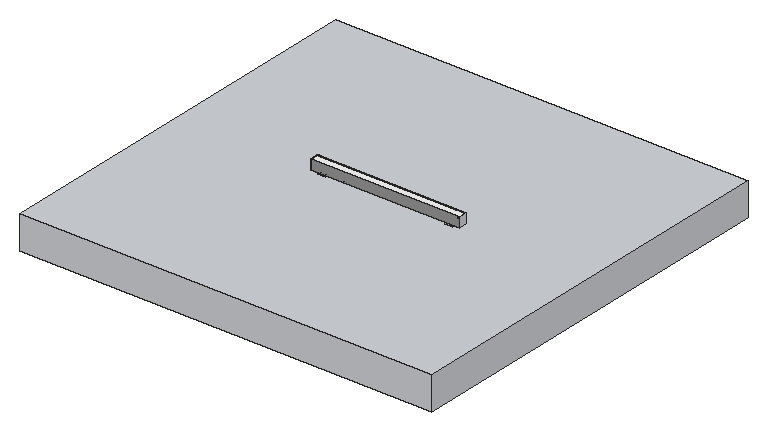
Revit family "en-halla-lina-surfacerfa", category Осветительные приборы, Revit 2017
Family settings
  Основа = Грань
  Размер круглого соединителя = Использовать диаметр
  Тип детали = Нормальный
  Номер OmniClass = 23.80.70.11.11
  Заголовок OmniClass = General Luminaries, Non Directional
  При загрузке вырезать с полостями = Нет
  Источник света = Нет
  Общий = Нет
  Точка расчета площади = Нет
Parameters
  Полная установленная мощность = Power input  # 84 VA
  Youtube clip = ""
  Weight Net (Kg) = "0"
  Изготовитель = "HALLA"  # constant formula
  Default Elevation = 2000 mm
  Voltage = ""
  Uniclass 2.0 Description = "Luminaires And Lamps"
  Uniclass 2.0 Code = "PR-49"
  Uniclass 1.4 Description = "Luminaires and lamps"
  Uniclass 1.4 Code = "JY73"
  UNSPSC Code = "3911"
  Technical description = ""
  Switched on [instance] = yes
  Switched off [instance] = not(Switched on)  # no
  Suspension height = 10 mm  # constant formula
  Source used = ""
  Source type = ""
  Shape of luminaire = ""
  Region South America = "All"
  Region Oceania = "All"
  Region North America = "All"
  Region Middle East = "All"
  Region Europe = "All"
  Region Asia = "All"
  Region Antarctica = "All"
  Region Africa = "All"
  QR code = "http://file-system.ru/catalog/zdaniya_i_sooruzheniya/interer/osveshchenie/halla_lina_svetilnik/"
  Accessory - highly reflective alu. reflector [instance] = no
  URL = "www.halla.cz"
  Accessory - microprismatic optical system type = LINA accessory - microprismatic optical system : 03-0074, for 14W a 24W, l = 578 mm
  Accessory - end cap type [instance] = LINA accessory - end cap, metal : 03-0006, W - white
  Accessory - highly reflective alu. reflector type = LINA accessory - highly reflective alu. reflector : 03-0082, for 14W a 24W, l = 545 mm
  Right connection [instance] = no
  Accessory - right end cap [instance] = not(Right connection)  # yes
  Accessory - left end cap [instance] = not(Left connection)  # yes
  Left connection [instance] = no
  Protection class = ""
  Product group = "LINA"
  Product family = "Indoor Luminaires"
  Product data url = "http://file-system.ru/catalog/zdaniya_i_sooruzheniya/interer/osveshchenie/halla_lina_svetilnik/"
  Product code = ""
  Product certification = ""
  Product URL = ""
  Product SKU = "lina"
  Price (EUR) = 0
  Power input = 84 W
  Description = ""
  Optics type = ""
  Number of sources = 1
  Nominal width = "0.00"
  Nominal height = "90.00"
  NBS Reference Description = "Luminaires And Lamps"
  NBS Reference Code = "49"
  Model = ""
  Accessory - microprismatic optical system [instance] = no
  Material secondary = ""
  Material of luminaire = "Hliník"
  Material main = "Aluminium"
  Manufacturer name = "HALLA"
  Manufacturer country = "Czech Republic"
  Lighting width = 79 mm
  Lighting source distance [instance] = Suspension height + Lighting height  # 100 mm
  Lighting length = 1378 mm
  Lighting height = 90 mm
  Lighting dimensions = ""
  LED source = yes
  Installation instructions = ""
  Installation instruction = ""
  Initial intensity = ""
  Initial colour = ""
  IP Code = ""
  IFC Classification = "Light Fixture"
  Frequency = ""
  Energy class = ""
  Electric potential = 230 V  # constant formula
  Код по классификатору = "D5020200"
  Edition number = "1"
  EAN code = ""
  EAN = ""
  Lighting surface length = Lighting length  # 1378 mm
  Distribution = ""
  Designer = ""
  Design country = "Czech Republic"
  Depth = "79.00"
  Date of publishing = "2014-12-13"
  Data sheet = ""
  Control gear option = ""
  Colour of luminaire = Aluminium - anodised
  COBIe Type Category = ""
Reference planes
  plane 1 "Střed (vpředu/vzadu)": y = 0
  plane 2: z = 0
  plane 3 "Střed (vlevo/vpravo)": x = 0
  plane 4 "BP_Světlo horní": z = 0
  plane 5: x = -689
  plane 6: x = 689
  plane 7: y = 39.5
  plane 8: y = -39.5
  plane 9: y = 18.5
  plane 10: y = -18.5
  plane 11 "Rovina zdroje světla": z = 100
  plane 12: z = 10
  plane 13: z = 96
  plane 14: x = -589
  plane 15: x = 589
Forms (mm)
  Extrusion 1, solid
    sketch origin (0, 0, 0) x (1, 0, 0) y (0, 1, 0)
      loop
        line (-1940, 1820) -> (-1940, -1847.056) -> (1875.718, -1847.056) -> (1875.718, 1820) -> (-1940, 1820)
    from 0 to -304.8
  Extrusion 2, solid, material "Aluminium - anodised" <- "Colour of luminaire"
    sketch origin (-689, 613.788, 1724.2) x (0, 1, 0) y (0, 0, 1)
      loop
        line (-577.288, -1624.2) -> (-577.288, -1626.2) -> (-576.288, -1626.2) -> (-576.288, -1703.2) -> (-651.288, -1703.2) -> (-651.288, -1626.2) -> (-650.288, -1626.2) -> (-650.288, -1624.2) -> (-653.288, -1624.2) -> (-653.288, -1714.2) -> (-651.288, -1714.2) -> (-651.288, -1710.2) -> (-649.288, -1710.2) -> (-649.288, -1708.2) -> (-651.288, -1708.2) -> (-651.288, -1705.2) -> (-640.288, -1705.2) -> (-640.288, -1708.2) -> (-643.288, -1708.2) -> (-643.288, -1710.2) -> (-638.288, -1710.2) -> (-638.288, -1705.2) -> (-589.288, -1705.2) -> (-589.288, -1710.2) -> (-584.288, -1710.2) -> (-584.288, -1708.2) -> (-587.288, -1708.2) -> (-587.288, -1705.2) -> (-576.288, -1705.2) -> (-576.288, -1708.2) -> (-578.288, -1708.2) -> (-578.288, -1710.2) -> (-576.288, -1710.2) -> (-576.288, -1714.2) -> (-574.288, -1714.2) -> (-574.288, -1624.2) -> (-577.288, -1624.2)
    from 0 to 1378 <- "Lighting length"
  Extrusion 3, solid, material "Diffuser - light switched on", visible <- "Switched off"
    sketch origin (-689, 613.788, 1724.2) x (0, 1, 0) y (0, 0, 1)
      loop
        line (-577.288, -1624.2) -> (-650.288, -1624.2) -> (-650.288, -1626.2) -> (-651.288, -1626.2) -> (-651.288, -1628.2) -> (-650.288, -1628.2) -> (-649.094, -1626.2) -> (-578.481, -1626.2) -> (-577.288, -1628.2) -> (-576.288, -1628.2) -> (-576.288, -1626.2) -> (-577.288, -1626.2) -> (-577.288, -1624.2)
    from 0 to 1378 <- "Lighting length"
  Extrusion 4, solid, material "Diffuser - light switched off", visible <- "Switched on"
    sketch origin (0, 0, 0) x (0, 1, 0) y (0, 0, 1)
      loop
        line (37.5, 98) -> (36.5, 98) -> (36.5, 100) -> (-36.5, 100) -> (-36.5, 98) -> (-37.5, 98) -> (-37.5, 96) -> (-36.5, 96) -> (-35.307, 98) -> (35.307, 98) -> (36.5, 96) -> (37.5, 96) -> (37.5, 98)
    from -689 to 689
Dimensions and locks
  equal spacing: plane 7, plane 1 "Střed (vpředu/vzadu)", plane 8
  "Lighting width": plane 7 to plane 8
  equal spacing: plane 5, plane 3 "Střed (vlevo/vpravo)", plane 6
  locked: plane 7 to plane 9 at 21
  locked: plane 10 to plane 8 at 21
  "Lighting length": plane 5 to plane 6
  "Lighting height": plane 11 "Rovina zdroje světla" to plane 12
  "Suspension height": plane 12 to plane 4 "BP_Světlo horní"
  locked: plane 11 "Rovina zdroje světla" to plane 13 at 4
  locked: Extrusion 3 to plane 13 at 2
  locked: plane 5 to plane 14 at 100
  locked: plane 15 to plane 6 at 100
  locked: nested 7 to plane 12 at 4
  locked: nested 6 to plane 12 at 4
  locked: plane 7 to nested 1 at 39.5
  aligned and locked: Extrusion 1 to plane 2
  aligned and locked: Extrusion 1 to level
  aligned and locked: plane 1 "Střed (vpředu/vzadu)" to nested 2
  aligned and locked: plane 11 "Rovina zdroje světla" to Extrusion 3
  aligned and locked: Extrusion 3 sketch curve to plane 11 "Rovina zdroje světla"
  aligned and locked: plane 13 to Extrusion 3 sketch curve
  aligned and locked: Extrusion 3 sketch curve to plane 13
  aligned and locked: plane 7 to Extrusion 2 sketch curve
  aligned and locked: Extrusion 2 sketch curve to plane 12
  aligned and locked: plane 12 to Extrusion 2 sketch curve
  aligned and locked: nested 5 to plane 5
  aligned and locked: nested 5 to plane 1 "Střed (vpředu/vzadu)"
  aligned and locked: plane 1 "Střed (vpředu/vzadu)" to nested 4
  aligned and locked: plane 6 to nested 4
  aligned and locked: plane 11 "Rovina zdroje světla" to nested 5
  aligned and locked: plane 11 "Rovina zdroje světla" to nested 4
  aligned and locked: Extrusion 3 to plane 13  (x5)
  aligned and locked: nested 6 to plane 1 "Střed (vpředu/vzadu)"
  aligned and locked: plane 6 to nested 6
  aligned and locked: plane 5 to nested 7
  aligned and locked: Extrusion 4 sketch curve to plane 11 "Rovina zdroje světla"
  aligned and locked: plane 13 to Extrusion 4 sketch curve  (x2)
  aligned and locked: plane 6 to Extrusion 4
  aligned and locked: Extrusion 4 to plane 5
  aligned and locked: plane 1 "Střed (vpředu/vzadu)" to nested 9
  aligned and locked: plane 15 to nested 9
  aligned and locked: plane 14 to nested 8
  aligned and locked: nested 1 to Extrusion 2
Automatic sketch dimensions
  Extrusion 1 sketch curve to Extrusion 1 sketch curve = 3815.718 mm
  Extrusion 1 sketch curve to Extrusion 1 sketch curve = 3667.056 mm
  level to Extrusion 3 sketch curve = 98 mm
  plane 10 to Extrusion 3 sketch curve = 18 mm
  Extrusion 3 sketch curve to plane 9 = 18 mm
  plane 10 to Extrusion 3 sketch curve = 19 mm
  Extrusion 3 sketch curve to Extrusion 3 sketch curve = 1.193 mm
  Extrusion 3 sketch curve to plane 9 = 16.807 mm
  Extrusion 3 sketch curve to Extrusion 3 sketch curve = 1 mm  (x3)
  Extrusion 3 sketch curve to Extrusion 3 sketch curve = 2 mm
  Extrusion 3 sketch curve to Extrusion 3 sketch curve = 0 mm
  Extrusion 2 sketch curve to plane 8 = 0 mm
  Extrusion 2 sketch curve to plane 11 "Rovina zdroje světla" = 0 mm  (x2)
  plane 8 to Extrusion 2 sketch curve = 2 mm  (x3)
  Extrusion 2 sketch curve to Extrusion 2 sketch curve = 1 mm
  Extrusion 2 sketch curve to Extrusion 2 sketch curve = 2 mm  (x11)
  Extrusion 2 sketch curve to Extrusion 2 sketch curve = 6 mm
  Extrusion 2 sketch curve to Extrusion 2 sketch curve = 3 mm  (x5)
  Extrusion 2 sketch curve to plane 9 = 6 mm
  Extrusion 2 sketch curve to plane 7 = 4 mm
  Extrusion 2 sketch curve to plane 7 = 2 mm
  Extrusion 2 sketch curve to Extrusion 2 sketch curve = 0 mm  (x2)
  plane 12 to Extrusion 2 sketch curve = 4 mm  (x3)
  Extrusion 2 sketch curve to plane 11 "Rovina zdroje světla" = 2 mm
  Extrusion 4 sketch curve to plane 7 = 2 mm
  Extrusion 4 sketch curve to plane 11 "Rovina zdroje světla" = 2 mm  (x3)
  Extrusion 4 sketch curve to Extrusion 4 sketch curve = 1 mm  (x4)
  Extrusion 4 sketch curve to Extrusion 4 sketch curve = 1.193 mm  (x2)
  plane 8 to Extrusion 4 sketch curve = 3 mm
Nested families
  nested 1: "LINA accessory - highly reflective alu. reflector" at (0, 0, -462.515) x (-1, 0, 0) z (0, 0, 1), type <- "Accessory - highly reflective alu. reflector type", visible <- "Accessory - highly reflective alu. reflector", type "03-0082, for 14W a 24W, l = 545 mm"
    with Délka 545 mm
  nested 2: "LINA - source" at (0, 0, 100) x (0, -1, 0) z (0, 0, 1), built-in parameter 1001364 <- "Lighting source distance", type "LINA - source"
  nested 3: "LINA accessory - microprismatic optical system" at (-611, 5.5, 507), type <- "Accessory - microprismatic optical system type", visible <- "Accessory - microprismatic optical system", type "03-0074, for 14W a 24W, l = 578 mm"
  nested 4: "LINA accessory - end cap, metal" at (689, 0, -464), visible <- "Accessory - right end cap", type <- "Accessory - end cap type", type "03-0006, W - white"
  nested 5: "LINA accessory - end cap, metal" at (-689, 0, -464) x (-1, 0, 0) z (0, 0, 1), visible <- "Accessory - left end cap", type <- "Accessory - end cap type", type "03-0006, W - white"
  nested 6: "LINA accessory - direct joint" at (689, 0, 578) x (1, 0, 0) z (0, 0, -1), visible <- "Right connection", type "03-0086, F"
  nested 7: "LINA accessory - direct joint" at (-689, 0, 578) x (-1, 0, 0) z (0, 0, -1), visible <- "Left connection", type "03-0086, F"
  nested 8: "LINA accessory - ceiling fastening" at (-589, 0, 0), type "03-0028, F"
  nested 9: "LINA accessory - ceiling fastening" at (589, 0, 0), type "03-0028, F"
Definition of nested family "LINA accessory - highly reflective alu. reflector"
  Parameters
    Manufacturer = "HALLA"  # constant formula
    Default Elevation = 0 mm
    URL = "http.//www.halla.cz"
    Description = ""
    Model = ""
    Assembly Code = "D5020200"
    Keynote = ""
    Délka = 1145 mm
    Barva svítidla = none
  Reference planes
    plane 1 "Střed (vpředu/vzadu)": y = 0
    plane 2: z = 0
    plane 3 "Střed (vlevo/vpravo)": x = 0
    plane 4: z = 564
    plane 5: x = -572.5
    plane 6: x = 572.5
  Forms (mm)
    Extrusion 1, solid, material <- "Barva svítidla"
      sketch origin (0, 0, 0) x (0, 1, 0) y (0, 0, 1)
        loop
          line (-24.686, 483.515) -> (24.686, 483.515) -> (32, 490.828) -> (32, 530.828) -> (31.6, 530.136) -> (31.6, 490.994) -> (24.521, 483.915) -> (-24.521, 483.915) -> (-31.6, 490.994) -> (-31.6, 530.136) -> (-32, 530.828) -> (-32, 490.828) -> (-24.686, 483.515)
      from -572.5 to 572.5
    Extrusion 2, void
      sketch origin (0, 0, 0) x (1, 0, 0) y (0, 1, 0)
        loop
          line (-572.5, 24.521) -> (-572.5, -50) -> (-492.5, -50) -> (-492.5, 0) -> (-562.5, 0) -> (-562.5, 24.521) -> (-572.5, 24.521)
        loop
          line (572.5, -24.521) -> (572.5, 50) -> (492.5, 50) -> (492.5, 0) -> (562.5, 0) -> (562.5, -24.521) -> (572.5, -24.521)
      from 470.278 to 555.391
  Cuts and joins
    Extrusion 2 cuts Extrusion 1
  Dimensions and locks
    plane 4 to plane 2 = 564 mm
    equal spacing: plane 5, plane 3 "Střed (vlevo/vpravo)", plane 6
    "Délka": plane 5 to plane 6
    aligned and locked: level to plane 2
    aligned and locked: Extrusion 1 to plane 5
    aligned and locked: plane 6 to Extrusion 1
    aligned and locked: plane 5 to Extrusion 2 sketch curve
    aligned and locked: Extrusion 2 sketch curve to plane 6
  Automatic sketch dimensions
    plane 1 "Střed (vpředu/vzadu)" to Extrusion 1 sketch curve = 32 mm
    Extrusion 1 sketch curve to Extrusion 1 sketch curve = 0.4 mm  (x3)
    Extrusion 1 sketch curve to Extrusion 1 sketch curve = 6.914 mm  (x3)
    Extrusion 1 sketch curve to Extrusion 1 sketch curve = 0.166 mm  (x4)
    Extrusion 1 sketch curve to plane 1 "Střed (vpředu/vzadu)" = 24.521 mm
    Extrusion 1 sketch curve to plane 1 "Střed (vpředu/vzadu)" = 31.6 mm
    Extrusion 1 sketch curve to plane 4 = 80.485 mm
    Extrusion 1 sketch curve to Extrusion 1 sketch curve = 39.141 mm  (x2)
    Extrusion 1 sketch curve to Extrusion 1 sketch curve = 0.693 mm  (x2)
    plane 1 "Střed (vpředu/vzadu)" to Extrusion 2 sketch curve = 0 mm  (x2)
    plane 5 to Extrusion 2 sketch curve = 10 mm
    plane 5 to Extrusion 2 sketch curve = 80 mm
    Extrusion 2 sketch curve to Extrusion 2 sketch curve = 80 mm
    Extrusion 2 sketch curve to plane 6 = 10 mm
    plane 1 "Střed (vpředu/vzadu)" to Extrusion 2 sketch curve = 24.521 mm
    plane 1 "Střed (vpředu/vzadu)" to Extrusion 2 sketch curve = 50 mm
    Extrusion 2 sketch curve to plane 1 "Střed (vpředu/vzadu)" = 24.521 mm
    Extrusion 2 sketch curve to plane 1 "Střed (vpředu/vzadu)" = 50 mm
Definition of nested family "LINA accessory - end cap, metal"
  Parameters
    Manufacturer = "HALLA"  # constant formula
    Default Elevation = 0 mm
    URL = "http://www.halla.cz"
    Description = ""
    Model = ""
    Assembly Code = "D5020200"
    Keynote = ""
    Barva svítidla = none
  Reference planes
    plane 1 "Střed (vpředu/vzadu)": y = 0
    plane 2: z = 0
    plane 3 "Střed (vlevo/vpravo)": x = 0
    plane 4: z = 564
  Forms (mm)
    Extrusion 1, solid
      sketch origin (0, 0, 0) x (1, 0, 0) y (0, 0, 1)
        loop
          line (0, 564) -> (0, 474) -> (0.8, 474) -> (0.8, 564) -> (0, 564)
      from -39.5 to 39.5
  Dimensions and locks
    plane 4 to plane 2 = 564 mm
    locked: Extrusion 1 sketch curve to plane 3 "Střed (vlevo/vpravo)" at 0.8
    locked: plane 4 to Extrusion 1 sketch curve at 90
    equal spacing: Extrusion 1, plane 1 "Střed (vpředu/vzadu)", Extrusion 1
    locked: Extrusion 1 to Extrusion 1 at 79
    aligned and locked: level to plane 2
  Automatic sketch dimensions
    Extrusion 1 sketch curve to plane 3 "Střed (vlevo/vpravo)" = 0 mm
    Extrusion 1 sketch curve to plane 4 = 0 mm
Definition of nested family "LINA accessory - direct joint"
  Parameters
    Manufacturer = "HALLA"  # constant formula
    Default Elevation = 0 mm
    URL = "http.//www.halla.cz"
    Description = ""
    Model = ""
    Assembly Code = "D5020200"
    Keynote = ""
    Barva svítidla = none
  Reference planes
    plane 1 "Střed (vpředu/vzadu)": y = 0
    plane 2: z = 0
    plane 3 "Střed (vlevo/vpravo)": x = 0
    plane 4: z = 564
  Forms (mm)
    Extrusion 1, solid, material <- "Barva svítidla"
      sketch origin (0, 0, 0) x (0, 1, 0) y (0, 0, 1)
        loop
          line (28.5, 564) -> (28.5, 574) -> (27.7, 574) -> (27.7, 564.8) -> (-27.7, 564.8) -> (-27.7, 574) -> (-28.5, 574) -> (-28.5, 564) -> (28.5, 564)
      from -50 to 50
  Dimensions and locks
    equal spacing: Extrusion 1, plane 3 "Střed (vlevo/vpravo)", Extrusion 1
    locked: Extrusion 1 to Extrusion 1 at 100
    aligned and locked: level to plane 2
  Automatic sketch dimensions
    Extrusion 1 sketch curve to plane 4 = 0 mm
    plane 4 to Extrusion 1 sketch curve = 10 mm  (x2)
    plane 1 "Střed (vpředu/vzadu)" to Extrusion 1 sketch curve = 28.5 mm
    Extrusion 1 sketch curve to Extrusion 1 sketch curve = 0.8 mm  (x2)
    Extrusion 1 sketch curve to plane 1 "Střed (vpředu/vzadu)" = 27.7 mm
    plane 4 to Extrusion 1 sketch curve = 0.8 mm
Definition of nested family "LINA accessory - ceiling fastening"
  Parameters
    Manufacturer = "HALLA"  # constant formula
    Default Elevation = 0 mm
    URL = "http://www.halla.cz"
    Description = ""
    Model = ""
    Assembly Code = "D5020200"
    Keynote = ""
    Barva svítidla = none
  Reference planes
    plane 1 "Střed (vpředu/vzadu)": y = 0
    plane 2: z = 0
    plane 3 "Střed (vlevo/vpravo)": x = 0
  Forms (mm)
    Extrusion 1, solid
      sketch origin (0, 0, 0) x (1, 0, 0) y (0, 1, 0)
        loop
          line (-38, 38) -> (-38, -38) -> (38, -38) -> (38, 38) -> (-38, 38)
      from 0 to 10
  Dimensions and locks
    aligned and locked: level to plane 2
Definition of nested family "LINA - source"
  Parameters
    built-in parameter 1150104 = 13.8 (stored number, unit not read)
    Tilt Angle = -90.00°
    built-in parameter 1150112 = 1 (stored number, unit not read)
    built-in parameter 1114218 = 1 (stored number, unit not read)
    built-in parameter 1150109 = 1 (stored number, unit not read)
    built-in parameter 1150110 = 1 (stored number, unit not read)
    built-in parameter 1150133 = 10 (stored number, unit not read)
    built-in parameter 1150134 = 3
    Lumens = 1380 lm
    Photometric Web File = "543780-61201.ies"
    Wattage = 9.2903 W
    built-in parameter 1150107 = 3200 (stored number, unit not read)
    built-in parameter 1150102 = (empty or 0)
    built-in parameter 1150138 = (empty or 0)
    Dimming Lamp Color Temperature Shift = (empty or 0)
    built-in parameter 1150114 = 1 (stored number, unit not read)
    built-in parameter 1150115 = 1 (stored number, unit not read)
    built-in parameter 1150106 = 1.0982 (stored number, unit not read)
    built-in parameter 1150137 = (empty or 0)
    built-in parameter 1150132 = 2
    built-in parameter 1150105 = 109.82 (stored number, unit not read)
    built-in parameter 1150139 = (empty or 0)
    built-in parameter 1150113 = 1 (stored number, unit not read)
    Emit from Rectangle Width = 739 mm
    Emit from Rectangle Length = 32 mm
    Emit Shape Visible in Rendering = yes
    built-in parameter 1114217 = 1 (stored number, unit not read)
    Color Filter = 16777215
  Reference planes
    plane 1 "Střed (vpředu/vzadu)": y = 0
    plane 2: z = 0
    plane 3 "Střed (vlevo/vpravo)": x = 0
  Lines and regions (mm)
    model lines
      curve 1: line (0, 0, 0) -> (0, 320, 0)
  Dimensions and locks
    aligned and locked: level to plane 2
Definition of nested family "LINA accessory - microprismatic optical system"
  Parameters
    Manufacturer = "HALLA"  # constant formula
    Default Elevation = 0 mm
    URL = "http://www.halla.cz"
    Description = ""
    Model = ""
    Assembly Code = "D5020200"
    Keynote = ""
  Reference planes
    plane 1 "Střed (vpředu/vzadu)": y = 0
    plane 2: z = 0
    plane 3 "Střed (vlevo/vpravo)": x = 0
    plane 4: z = 564
  Dimensions and locks
    aligned and locked: level to plane 2
